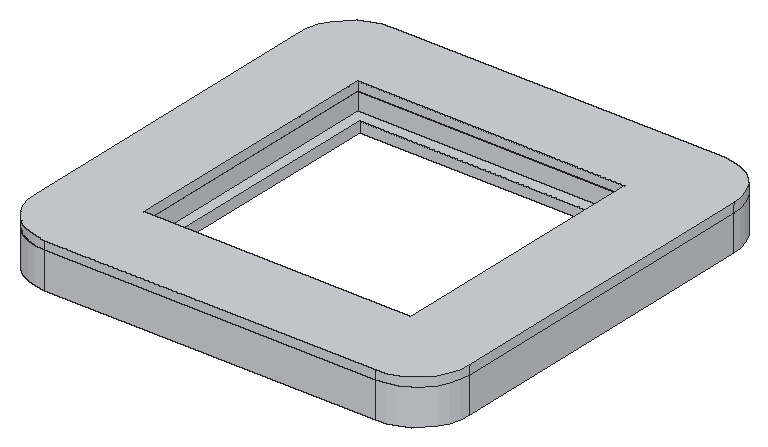
Revit family "Gira_0211421", category Electrical Fixtures, host Face, Revit 2017
Family settings
  Host = Face
  Maintain Annotation Orientation = No
  Round Connector Dimension = Use Diameter
  Part Type = Normal
  Cut with Voids When Loaded = No
  Shared = No
  Room Calculation Point = No
Parameters (values of type "Abdeckrahmen 1f Gira E3 Hellgrau/Anthrazit")
  Werkstoffgüte = "sonstige"
  Werkstoff = "sonstige"
  URL = "http://katalog.gira.de/de_DE/datenblatt.html?artikelnr=0211421"
  Transparent = "No"
  Textfeld/Beschriftungsfläche = "No"
  Schutzart (IP) = "IP20"
  Region = "DE"
  Oberfläche = "sonstige"
  Name = "Abdeckrahmen 1f Gira E3 Hellgrau/Anthrazit"
  Montagerichtung = "horizontal und vertikal"
  Mit Montagerahmen = "No"
  Mit Klappdeckel = "No"
  Manufacturer URL = "https://www.gira.de/"
  Keynote = "E3_Rahmen_1fach"
  HeinzeBIM = "https://bimportal.heinze.de/bim/abdeckrahmen-1f-gira-e3-hellgrau-anthrazit/e19c4986add7737079ec0175790d3e7bbee93e9c"
  Halogenfrei = "No"
  HAN = "0211421"
  Geeignet für Unterputz-Installation = "Yes"
  Geeignet für Unterflurkanaldose = "No"
  Geeignet für Geräteeinbaukanal = "No"
  Geeignet für Einbauinstallation = "No"
  GTIN = "4010337023838"
  Farbe = "grau"
  Default Elevation = 1219.2 mm
  Data sheet (1) = "https://katalog.gira.de/de_DE/download.html?artikelnr=0211421"
  Category = "Abdeckrahmen"
  Befestigungsart = "Klemmbefestigung"
  Available = "Yes"
  Anzahl der Einheiten vertikal = "1 "
  Anzahl der Einheiten horizontal = "1 "
  Anzahl der Einheiten = "1 "
Reference planes
  plane 1 "Center (Front/Back)": y = 0
  plane 2: z = 0
  plane 3 "Center (Left/Right)": x = 0
Forms (mm)
  Extrusion 1, solid, detail levels fine
    sketch origin (0, 0, 0) x (1, 0, 0) y (0, 1, 0)
      loop
        arc (-34.8, 45.809) -> (-42.585, 42.585) -> (-45.809, 34.8) r 11.009
        line (-45.809, 34.8) -> (-45.809, -34.8)
        arc (-45.809, -34.8) -> (-42.585, -42.585) -> (-34.8, -45.809) r 11.009
        line (-34.8, -45.809) -> (34.8, -45.809)
        arc (34.8, -45.809) -> (42.585, -42.585) -> (45.809, -34.8) r 11.009
        line (45.809, -34.8) -> (45.809, 34.8)
        arc (45.809, 34.8) -> (42.585, 42.585) -> (34.8, 45.809) r 11.009
        line (34.8, 45.809) -> (-34.8, 45.809)
      loop
        line (28.187, 28.156) -> (-28.187, 28.156) -> (-28.187, -28.156) -> (28.187, -28.156) -> (28.187, 28.156)
    from 7.65 to 9.5
  Extrusion 2, solid, detail levels fine
    sketch origin (0, 0, 0) x (1, 0, 0) y (0, 1, 0)
      loop
        line (25.7, 25.7) -> (-25.7, 25.7) -> (-25.7, -25.7) -> (25.7, -25.7) -> (25.7, 25.7)
      loop
        line (-28.187, -28.156) -> (28.187, -28.156) -> (28.187, 28.156) -> (-28.187, 28.156) -> (-28.187, -28.156)
    from 1.65 to 3.9
  Extrusion 3, solid, detail levels fine
    sketch origin (0, 0, 0) x (1, 0, 0) y (0, 1, 0)
      loop
        arc (-34.8, 45.809) -> (-42.585, 42.585) -> (-45.809, 34.8) r 11.009
        line (-45.809, 34.8) -> (-45.809, -34.8)
        arc (-45.809, -34.8) -> (-42.585, -42.585) -> (-34.8, -45.809) r 11.009
        line (-34.8, -45.809) -> (34.8, -45.809)
        arc (34.8, -45.809) -> (42.585, -42.585) -> (45.809, -34.8) r 11.009
        line (45.809, -34.8) -> (45.809, 34.8)
        arc (45.809, 34.8) -> (42.585, 42.585) -> (34.8, 45.809) r 11.009
        line (34.8, 45.809) -> (-34.8, 45.809)
      loop
        line (-43.843, 34.785) -> (-43.843, -34.785)
        arc (-43.843, -34.785) -> (-41.19, -41.19) -> (-34.785, -43.843) r 9.058
        line (-34.785, -43.843) -> (34.785, -43.843)
        arc (34.785, -43.843) -> (41.19, -41.19) -> (43.843, -34.785) r 9.058
        line (43.843, -34.785) -> (43.843, 34.785)
        arc (43.843, 34.785) -> (41.19, 41.19) -> (34.785, 43.843) r 9.058
        line (34.785, 43.843) -> (-34.785, 43.843)
        arc (-34.785, 43.843) -> (-41.19, 41.19) -> (-43.843, 34.785) r 9.058
    from 0 to 7.65
  Extrusion 4, solid, detail levels fine
    sketch origin (0, 0, 0) x (1, 0, 0) y (0, 1, 0)
      loop
        line (-27.337, -31.075) -> (27.337, -31.075)
        arc (27.337, -31.075) -> (29.98, -29.98) -> (31.075, -27.337) r 3.739
        line (31.075, -27.337) -> (31.075, 27.337)
        arc (31.075, 27.337) -> (29.98, 29.98) -> (27.337, 31.075) r 3.739
        line (27.337, 31.075) -> (-27.337, 31.075)
        arc (-27.337, 31.075) -> (-29.98, 29.98) -> (-31.075, 27.337) r 3.739
        line (-31.075, 27.337) -> (-31.075, -27.337)
        arc (-31.075, -27.337) -> (-29.98, -29.98) -> (-27.337, -31.075) r 3.739
      loop
        line (-29.925, 27.537) -> (-29.925, -27.537)
        arc (-29.925, -27.537) -> (-29.226, -29.226) -> (-27.537, -29.925) r 2.389
        line (-27.537, -29.925) -> (27.537, -29.925)
        arc (27.537, -29.925) -> (29.226, -29.226) -> (29.925, -27.537) r 2.389
        line (29.925, -27.537) -> (29.925, 27.537)
        arc (29.925, 27.537) -> (29.226, 29.226) -> (27.537, 29.925) r 2.389
        line (27.537, 29.925) -> (-27.537, 29.925)
        arc (-27.537, 29.925) -> (-29.226, 29.226) -> (-29.925, 27.537) r 2.389
    from 1.65 to 7.65
  Extrusion 5, solid, detail levels fine
    sketch origin (0, 0, 0) x (1, 0, 0) y (0, 1, 0)
      loop
        line (-32.053, -39.8) -> (32.053, -39.8)
        arc (32.053, -39.8) -> (37.667, -36.708) -> (39.9, -30.7) r 9.2
        line (39.9, -30.7) -> (39.9, 30.7)
        arc (39.9, 30.7) -> (37.205, 37.205) -> (30.7, 39.9) r 9.2
        line (30.7, 39.9) -> (-30.7, 39.9)
        arc (-30.7, 39.9) -> (-37.205, 37.205) -> (-39.9, 30.7) r 9.2
        line (-39.9, 30.7) -> (-39.9, -30.7)
        arc (-39.9, -30.7) -> (-37.667, -36.708) -> (-32.053, -39.8) r 9.2
      loop
        line (-30.7, -31.7) -> (30.7, -31.7)
        arc (30.7, -31.7) -> (31.407, -31.407) -> (31.7, -30.7) r 1
        line (31.7, -30.7) -> (31.7, 30.7)
        arc (31.7, 30.7) -> (31.407, 31.407) -> (30.7, 31.7) r 1
        line (30.7, 31.7) -> (-30.7, 31.7)
        arc (-30.7, 31.7) -> (-31.407, 31.407) -> (-31.7, 30.7) r 1
        line (-31.7, 30.7) -> (-31.7, -30.7)
        arc (-31.7, -30.7) -> (-31.407, -31.407) -> (-30.7, -31.7) r 1
    from 1.65 to 3.9
  Extrusion 6, solid, detail levels fine
    sketch origin (0, 0, 0) x (1, 0, 0) y (0, 1, 0)
      loop
        line (-28.187, 28.156) -> (-28.187, -28.156) -> (28.187, -28.156) -> (28.187, 28.156) -> (-28.187, 28.156)
      loop
        line (-29.925, 29.925) -> (-29.925, -29.925) -> (29.925, -29.925) -> (29.925, 29.925) -> (-29.925, 29.925)
    from 1.65 to 7.65
  Extrusion 7, solid, detail levels coarse+medium
    sketch origin (0, 0, 0) x (1, 0, 0) y (0, 1, 0)
      loop
        line (-45.809, 45.809) -> (-45.809, -45.809) -> (45.809, -45.809) -> (45.809, 45.809) -> (-45.809, 45.809)
    from 0 to 9.5
Dimensions and locks
  aligned and locked: plane 2 to host face
  aligned and locked: level to host face
